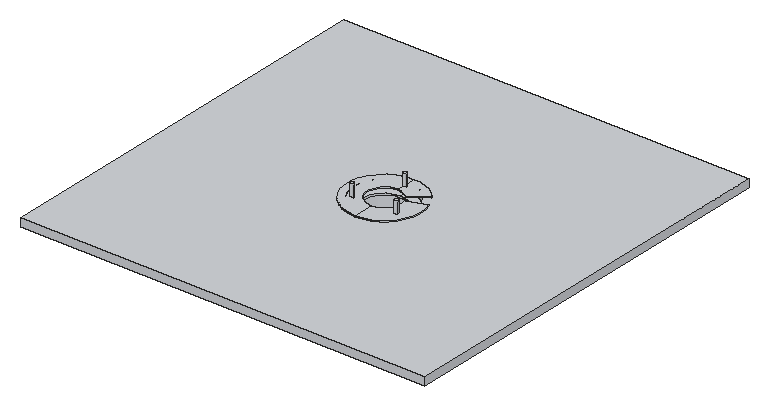
Revit family "Civic_X102", category Lighting Fixtures, Revit 2014
Parameters (values of type "Civic X102")
  Wattage Comments = "11.7"
  Wattage = 11.7 W
  built-in parameter 1150110 = 1 (stored number, unit not read)
  Type Comments = "Surface"
  Type = "Civic X102"
  built-in parameter 1114217 = 1 (stored number, unit not read)
  built-in parameter 1150109 = 1 (stored number, unit not read)
  built-in parameter 1150134 = (empty or 0)
  built-in parameter 1150113 = 1 (stored number, unit not read)
  O/A Diameter (mm) = "102"
  Model = "Civic X102"
  Manufacturer = "Designed Architectural Lighting"
  Luminous flux of luminaire (lm) = "1300"
  Lumens = 1298.7 lm
  built-in parameter 1150115 = 1 (stored number, unit not read)
  built-in parameter 1150105 = 413.39 (stored number, unit not read)
  Light Source Symbol Size = 609.6 mm
  built-in parameter 1150137 = (empty or 0)
  built-in parameter 1150139 = (empty or 0)
  built-in parameter 1150112 = 1 (stored number, unit not read)
  built-in parameter 1150114 = 1 (stored number, unit not read)
  Lamp = "LED"
  built-in parameter 1150132 = (empty or 0)
  built-in parameter 1150102 = (empty or 0)
  built-in parameter 1150138 = (empty or 0)
  built-in parameter 1150107 = 3000 (stored number, unit not read)
  built-in parameter 1150106 = 4.1339 (stored number, unit not read)
  Height (mm) = "140"
  built-in parameter 1150104 = 10.312 (stored number, unit not read)
  Dimming Lamp Color Temperature Shift = <None>
  Description = "Surface mounted LED downlighter"
  Cut Out (mm) = "90"
  Colour temperature (K) = "2700/3000/3500/4000"
  Color Filter = 16777215
  CRI = "80"
  built-in parameter 1114218 = 1 (stored number, unit not read)
  built-in parameter 1150133 = 10 (stored number, unit not read)
  Apparent Load = 11.7 VA
  Aperture (mm) = "65"
Reference planes
  plane 1 "Light Source Axis (F/B)": y = 0
  plane 2: z = 0
  plane 3 "Light Source Axis (L/R)": x = 0
  plane 4 "Light Source Elevation": z = 0
Forms (mm)
  Extrusion 1, solid
    sketch origin (-38.915, -66.181, 0) x (1, 0, 0) y (0, 1, 0)
      loop
        line (-261.085, 366.181) -> (-261.085, -233.819) -> (338.915, -233.819) -> (338.915, 366.181) -> (-261.085, 366.181)
      loop
        circle (38.915, 66.181) r 45
    from 139.431 to 151.431
  Revolve 2, solid
    sketch origin (0, 0, -8.75) x (0, 1, 0) y (0, 0, 1)
      loop
        line (39.073, 77.71) -> (0, 77.71) -> (0, 57.777) -> (39.073, 57.777) -> (39.073, 77.71)
      axis (0, 77.71) -> (0, 57.777)
    angle from 0 to 360
  Revolve 3, solid
    sketch origin (0, 0, 0) x (0, 1, 0) y (0, 0, 1)
      loop
        line (22.449, 42.626) -> (11.383, 42.626)
        arc (11.383, 42.626) -> (18.324, 32.649) -> (22.316, 21.17) r 44.615
        arc (22.316, 21.17) -> (27.18, 16.177) -> (31.052, 10.381) r 38.075
        arc (31.052, 10.381) -> (32.399, 5.855) -> (32.681, 1.141) r 20.602
        line (32.681, 1.141) -> (35.044, 1.141)
        arc (35.044, 1.141) -> (34.27, 8.775) -> (30.409, 15.407) r 18.15
        arc (30.409, 15.407) -> (26.909, 19.404) -> (23.581, 23.545) r 126.435
        arc (23.581, 23.545) -> (20.779, 32.542) -> (15.688, 40.471) r 35.136
        line (15.688, 40.471) -> (22.449, 40.471) -> (22.449, 42.626)
      axis (0, 42.626) -> (0, 1.141)
    angle from 0 to 360
  Revolve 4, solid
    sketch origin (0, 0, -8.75) x (0, 1, 0) y (0, 0, 1)
      loop
        line (0, 51.485) -> (20.907, 51.485) -> (20.907, 57.777) -> (0, 57.777) -> (0, 51.485)
      axis (0, 57.777) -> (0, 51.485)
    angle from 0 to 360
  Revolve 5, solid
    sketch origin (0, 0, 0) x (0, 1, 0) y (0, 0, 1)
      loop
        line (32.774, 0.98) -> (32.774, 0) -> (36.235, 0) -> (36.235, 40) -> (35.283, 40) -> (35.283, 0.98) -> (32.774, 0.98)
      axis (0, 40) -> (0, 0)
    angle from 0 to 360
  Revolve 6, solid
    sketch origin (0, 0, 0) x (0, 1, 0) y (0, 0, 1)
      loop
        line (47.57, 0) -> (50.803, 0) -> (50.803, 132.309) -> (47.57, 132.309) -> (47.57, 0)
      axis (0, 132.309) -> (0, 0)
    angle from 0 to 360
  Revolve 7, solid
    sketch origin (0, 0, 0) x (0, 1, 0) y (0, 0, 1)
      loop
        line (54.804, 151.431) -> (54.804, 152.577) -> (24.804, 152.577) -> (24.804, 151.431) -> (54.804, 151.431)
      axis (0, 152.577) -> (0, 151.431)
    angle from 0 to 360
  Revolve 8, solid
    sketch origin (0, 0, 0) x (0, 1, 0) y (0, 0, 1)
      loop
        line (50.846, 139.431) -> (43.604, 139.431) -> (43.604, 141.592) -> (29.545, 141.592) -> (29.545, 139.431) -> (41.559, 139.431) -> (41.559, 137.077) -> (50.846, 137.077) -> (50.846, 139.431)
      axis (0, 141.592) -> (0, 137.077)
    angle from 0 to 360
  Extrusion 9, void
    sketch origin (0, 0, 0) x (1, 0, 0) y (0, 1, 0)
      loop
        line (44.961, 37.136) -> (16.726, 16.622) -> (22.175, 8.019) -> (54.086, 19.559) -> (44.961, 37.136)
    from 151.431 to 154.895
  Extrusion 10, solid
    sketch origin (0, 0, 0) x (1, 0, 0) y (0, 1, 0)
      loop
        circle (32.711, -18.95) r 2.713
    from 135.941 to 169.081
  Extrusion 11, solid
    sketch origin (-65.258, -0.536, 0) x (1, 0, 0) y (0, 1, 0)
      loop
        circle (32.711, -18.95) r 2.713
    from 135.941 to 169.081
  Extrusion 12, solid
    sketch origin (-32.786, 56.764, 0) x (1, 0, 0) y (0, 1, 0)
      loop
        circle (32.711, -18.95) r 2.713
    from 135.941 to 169.081
Cuts and joins
  Extrusion 9 cuts Extrusion 1
  Extrusion 9 cuts Revolve 7
Dimensions and locks
  aligned and locked: plane 3 "Light Source Axis (L/R)" to imposter light
  aligned and locked: plane 1 "Light Source Axis (F/B)" to imposter light
  aligned and locked: plane 4 "Light Source Elevation" to imposter light
  aligned and locked: level to plane 2
